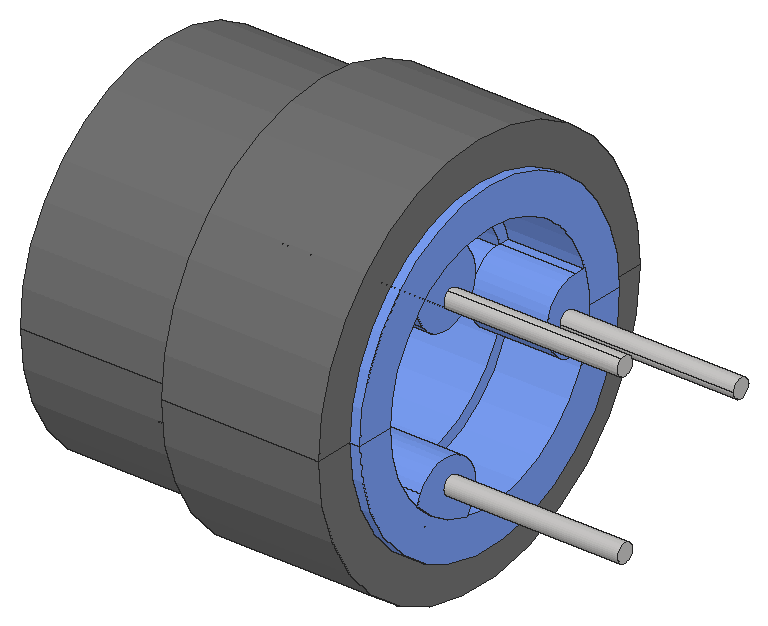
Revit family "Plumbing_Other-Plumbing_Menzies-Metal_Blue-Drain-Seal (7)", category Pipe Fittings, Revit 2018
Family settings
  Round Connector Dimension = Use Diameter
  Part Type = Transition
  OmniClass Number = 23.60.30.11.14
  OmniClass Title = Pipework Fittings
  Work Plane-Based = No
  Always vertical = No
  Cut with Voids When Loaded = No
  Shared = No
Parameters (values of type "3"")
  Weight = 0.56 lbf
  URL = "https://www.menzies-metal.com/tpo-products/menzies-blue-drain-seal/"
  Seal Material = Rubber - Menzies Metal Products - EPDM
  SCH80 Pipe ID Range = "2.82 - 3.40 in"
  SCH40 Pipe ID Range = "2.87 - 3.40 in"
  Required Tools = "Screwdriver for Blue Drain seal is required to install product; https://www.menzies-metal.com/flat-roofing/screwdriver-for-blue-drain-seal/"  # constant formula
  Product data url = "https://www.bimobject.com/menzies-metal/product/blue-drain-seal"
  Product Material = Plastic - Menzies Metal Products - Nylon
  Product Guid = "f62e8464-96eb-4267-9b67-e3f2fa2fb2a5"
  Nominal Diameter 2 = 3.000"
  Nominal Diameter 1 = 2.750"
  Model = "300-3130"
  Manufacturer = "Menzies Metal Products"  # constant formula
  built-in parameter 1114238 [instance] = (empty or 0)
  F [instance] = 3.520"
  Edition number = 1
  E [instance] = 3.170"
  Description = "Menzies Blue Drain Seal™"  # constant formula
  D [instance] = 2.850"
  C [instance] = 2.190"
  B [instance] = 2.010"
  Assembly Code = "D2040200"
  A [instance] = 2.620"
Types (4): name | Weight | SCH80 Pipe ID Range | SCH40 Pipe ID Range | Nominal Diameter 2 | Nominal Diameter 1 | Model | F | E | D | C | B | A
  3" | 0.56 lbf | "2.82 - 3.40 in" | "2.87 - 3.40 in" | 3.000" | 2.750" | "300-3130" | 3.520" | 3.170" | 2.850" | 2.190" | 2.010" | 2.620"
  4" | 0.98 lbf | "3.75 - 4.40 in" | "3.85 - 4.40 in" | 4.000" | 3.750" | "300-3135" | 4.550" | 4.570" | 3.740" | 2.800" | 2.620" | 3.530"
  5" | 1.05 lbf | "4.73 - 5.40 in" | "4.84 - 5.40 in" | 5.000" | 4.750" | "300-3140" | 5.650" | 5.650" | 4.730" | 4.080" | 3.930" | 4.600"
  6" | 1.20 lbf | "5.76 - 6.40 in" | "5.82 - 6.40 in" | 6.000" | 5.750" | "300-3145" | 6.830" | 6.590" | 5.760" | 5.040" | 4.860" | 5.390"
Reference planes (in)
  plane 1 "Center (Front/Back)": y = 0
  plane 2: z = 0
  plane 3 "Center (Left/Right)": x = 0
  plane 4: y = 1.005
  plane 5: y = -1.005
  plane 6: y = 1.31
  plane 7: y = -1.31
  plane 8: x = -1.38
  plane 9: x = 1.38
  plane 10: x = -1.47
  plane 11: x = 1.47
  plane 12: y = -1.095
  plane 13: y = 1.095
  plane 14: y = 1.425
  plane 15: y = -1.425
  plane 16: y = 1.585
  plane 17: y = -1.585
  plane 18: y = 1.76
  plane 19: y = -1.76
Forms (in)
  Revolve 1, solid, material "Plastic - Menzies Metal Products - Nylon" <- "Product Material"
    sketch origin (0, 0, 0) x (1, 0, 0) y (0, 1, 0)
      loop
        line (-1.47, 1.31) -> (-1.47, 1.005) -> (0.8, 1.005) -> (0.8, 1.095) -> (-1.38, 1.095) -> (-1.38, 1.31) -> (-1.47, 1.31)
      axis (-1.47, 0) -> (0.8, 0)
    angle from 0 to 360
  Revolve 2, solid, material "Plastic - Menzies Metal Products - Nylon"
    sketch origin (0, 0, 0) x (1, 0, 0) y (0, 1, 0)
      loop
        line (1.47, -1.425) -> (1.47, -1.095) -> (-0.8, -1.095) -> (-0.8, -1.185) -> (1.38, -1.185) -> (1.38, -1.425) -> (1.47, -1.425)
      axis (-0.8, 0) -> (1.47, 0)
    angle from 0 to 360
  Revolve 3, solid, material "Rubber - Menzies Metal Products - EPDM" <- "Seal Material"
    sketch origin (0, 0, 0) x (1, 0, 0) y (0, 1, 0)
      loop
        line (-1.38, 1.585) -> (-1.38, 1.095) -> (-0.8, 1.095) -> (-0.8, 1.185) -> (0, 1.185) -> (0, 1.585) -> (-1.38, 1.585)
      axis (-1.38, 0) -> (0, 0)
    angle from 0 to 360
  Revolve 4, solid, material "Rubber - Menzies Metal Products - EPDM" <- "Seal Material"
    sketch origin (0, 0, 0) x (1, 0, 0) y (0, 1, 0)
      loop
        line (0, 1.185) -> (1.38, 1.185) -> (1.38, 1.76) -> (0, 1.76) -> (0, 1.185)
      axis (0, 0) -> (1.38, 0)
    angle from 0 to 360
Dimensions and locks (in)
  equal spacing: plane 5, plane 1 "Center (Front/Back)", plane 4
  "B": plane 4 to plane 5
  equal spacing: plane 6, plane 1 "Center (Front/Back)", plane 7
  "A": plane 6 to plane 7
  equal spacing: plane 8, plane 3 "Center (Left/Right)", plane 9
  locked: plane 8 to plane 9 at 2.76
  locked: plane 10 to plane 8 at 0.09
  locked: plane 9 to plane 11 at 0.09
  locked: plane 3 "Center (Left/Right)" to Revolve 1 sketch curve at 0.8
  equal spacing: plane 13, plane 1 "Center (Front/Back)", plane 12
  "C": plane 13 to plane 12
  equal spacing: plane 14, plane 1 "Center (Front/Back)", plane 15
  "D": plane 14 to plane 15
  plane 12 to Revolve 2 sketch curve = 0.090"
  locked: Revolve 2 sketch curve to plane 3 "Center (Left/Right)" at 0.8
  locked: Revolve 3 sketch curve to plane 13 at 0.09
  equal spacing: plane 16, plane 1 "Center (Front/Back)", plane 17
  "E": plane 16 to plane 17
  locked: Revolve 4 sketch curve to plane 13 at 0.09
  equal spacing: plane 19, plane 1 "Center (Front/Back)", plane 18
  "F": plane 18 to plane 19
  aligned and locked: plane 2 to level
  aligned and locked: Revolve 1 sketch curve to plane 10
  aligned and locked: plane 8 to Revolve 1 sketch curve
  aligned and locked: Revolve 1 sketch curve to plane 4
  aligned and locked: plane 6 to Revolve 1 sketch curve
  aligned and locked: plane 1 "Center (Front/Back)" to Revolve 1 sketch curve
  aligned and locked: plane 13 to Revolve 1 sketch curve
  aligned and locked: plane 12 to Revolve 2 sketch curve
  aligned and locked: plane 11 to Revolve 2 sketch curve
  aligned and locked: Revolve 2 sketch curve to plane 9
  aligned and locked: Revolve 2 sketch curve to plane 15
  aligned and locked: plane 1 "Center (Front/Back)" to Revolve 2 sketch curve
  aligned and locked: Revolve 3 sketch curve to Revolve 2
  aligned and locked: Revolve 3 sketch curve to Revolve 1
  aligned and locked: Revolve 3 sketch curve to plane 13
  aligned and locked: Revolve 2 to Revolve 3 sketch curve
  aligned and locked: Revolve 3 sketch curve to plane 3 "Center (Left/Right)"
  aligned and locked: plane 16 to Revolve 3 sketch curve
  aligned and locked: Revolve 4 sketch curve to plane 3 "Center (Left/Right)"
  aligned and locked: plane 9 to Revolve 4 sketch curve
  aligned and locked: plane 18 to Revolve 4 sketch curve
  aligned and locked: plane 1 "Center (Front/Back)" to Revolve 4 sketch curve
Automatic sketch dimensions
  Revolve 1 sketch curve to plane 10 = 0.750"
  plane 11 to Revolve 1 sketch curve = 1.880"
  plane 8 to Revolve 2 sketch curve = 0.47725"
  Revolve 2 sketch curve to plane 9 = 0.1265"
  plane 1 "Center (Front/Back)" to Revolve 3 sketch curve = 0.000"
  plane 8 to Revolve 3 sketch curve = 0.250"
  Revolve 4 sketch curve to plane 3 "Center (Left/Right)" = 0.35579"
  plane 11 to Revolve 4 sketch curve = 0.68896"
Nested families (in)
  nested 1: "Mount" at (0, 0, 0), type "Mount", detail levels medium+fine
    with d 0.850", C1 2.240", C 2.190", B1 2.060", B 2.010"
Connectors (in)
  piping at (0, 0, 0), diameter 2.75, driven by "Nominal Diameter 1"
    settings: on Revolve 4, index 1, connector inside diameter 24.000", connector length 0.000", flow factor 0, pipe flow 0 GPM, pressure drop 0.00 psi, fitting loss kfactor 0, connector angle 0.00°, fixture units 0, engagement length 0.000", angle of deflection 0.00°, flow configuration 0, flow direction 0, fitting loss method 0, system type 28, joint type 0, gender type 0, connector reference index 2, connector utility 0, adjustable connector no, is connector primary no, connector description ""
  piping at (-1.38, 0, 0), diameter 3, driven by "Nominal Diameter 2"
    settings: on Revolve 3, index 2, connector inside diameter 24.000", connector length 0.000", flow factor 0, pipe flow 0 GPM, pressure drop 0.00 psi, fitting loss kfactor 0, connector angle 0.00°, fixture units 0, engagement length 0.000", angle of deflection 0.00°, flow configuration 0, flow direction 0, fitting loss method 0, system type 28, joint type 0, gender type 0, connector reference index 1, connector utility 0, adjustable connector no, is connector primary yes, connector description ""
Definition of nested family "Mount"
  Parameters (values of type "Mount")
    d = (B - 0.310") / 2  # 1.810"
    Screw Material = none
    Material = none
    C1 = C + 0.050"  # 4.130"
    C = 4.080"
    B1 = B + 0.050"  # 3.980"
    B = 3.930"
  Reference planes (in)
    plane 1 "Center (Front/Back)": y = 0
    plane 2: z = 0
    plane 3 "Center (Left/Right)": x = 0
    plane 4: x = -1.47
    plane 5: x = 1.47
    plane 6: x = 0.8
    plane 7: y = 1.99
    plane 8: y = -1.99
  Forms (in)
    Extrusion 1, solid, material <- "Material"
      sketch origin (0, 0, 0) x (0, 1, 0) y (0, 0, 1)
        loop
          arc (1.91645, 0.32) -> (1.59702, 0.0192) -> (1.87811, -0.3177) r 0.32
          line (1.87811, -0.3177) -> (2.01511, -0.3177)
          arc (2.01511, -0.3177) -> (2.04, 0.00117) -> (2.01475, 0.32) r 2.04
          line (2.01475, 0.32) -> (1.91645, 0.32)
      from 0.8 to 1.47
    Extrusion 2, solid, material <- "Material"
      sketch origin (0, 0, 0) x (0, 1, 0) y (0, 0, 1)
        loop
          arc (1.96726, -0.3) -> (1.99, 0) -> (1.96726, 0.3) r 1.99
          arc (1.96726, 0.3) -> (1.66726, 0) -> (1.96726, -0.3) r 0.3
      from -1.47 to 0.8
    Extrusion 3, solid, material <- "Material"
      sketch origin (0, 0, 0) x (0, -0.5, 0.866025) y (0, -0.866025, -0.5)
        loop
          line (1.91611, -0.32) -> (2.01475, -0.32)
          arc (2.01475, -0.32) -> (2.04, -0.00117) -> (2.01511, 0.3177) r 2.04
          line (2.01511, 0.3177) -> (1.87777, 0.3177)
          arc (1.87777, 0.3177) -> (1.59669, -0.0192) -> (1.91611, -0.32) r 0.32
      from 0.8 to 1.47
    Extrusion 4, solid, material <- "Material"
      sketch origin (0, 0, 0) x (0, -0.5, 0.866025) y (0, -0.866025, -0.5)
        loop
          arc (1.96726, 0.3) -> (1.66726, 0) -> (1.96726, -0.3) r 0.3
          arc (1.96726, -0.3) -> (1.99, 0) -> (1.96726, 0.3) r 1.99
      from -1.47 to 0.8
    Extrusion 5, solid, material <- "Material"
      sketch origin (0, 0, 0) x (0, -0.5, -0.866025) y (0, 0.866025, -0.5)
        loop
          line (1.91611, -0.32) -> (2.01475, -0.32)
          arc (2.01475, -0.32) -> (2.04, -0.00117) -> (2.01511, 0.3177) r 2.04
          line (2.01511, 0.3177) -> (1.87777, 0.3177)
          arc (1.87777, 0.3177) -> (1.59669, -0.0192) -> (1.91611, -0.32) r 0.32
      from 0.8 to 1.47
    Extrusion 6, solid, material <- "Material"
      sketch origin (0, 0, 0) x (0, -0.5, -0.866025) y (0, 0.866025, -0.5)
        loop
          arc (1.96726, 0.3) -> (1.66726, 0) -> (1.96726, -0.3) r 0.3
          arc (1.96726, -0.3) -> (1.99, 0) -> (1.96726, 0.3) r 1.99
      from -1.47 to 0.8
    Revolve 7, void
      sketch origin (0, 0, 0) x (1, 0, 0) y (0, 1, 0)
        loop
          line (-1.48765, 1.63544) -> (-1.31955, 1.63544) -> (-1.48765, 2.06156) -> (-1.48765, 1.63544)
        axis (-1.48765, 0) -> (-1.31955, 0)
      angle from 0 to 360
    Extrusion 8, solid, material <- "Screw Material"
      sketch origin (0, 0.96, 0) x (0, 1, 0) y (0, 0, 1)
        loop
          circle (0.85, 0) r 0.08
      from 0 to 3
    Extrusion 9, solid, material <- "Screw Material"
      sketch origin (0, -0.48, 0.83138) x (0, -0.5, 0.866025) y (0, -0.866025, -0.5)
        loop
          circle (0.85, 0) r 0.08
      from 0 to 3
    Extrusion 10, solid, material <- "Screw Material"
      sketch origin (0, -0.48, -0.83138) x (0, -0.5, -0.866025) y (0, 0.866025, -0.5)
        loop
          circle (0.85, 0) r 0.08
      from 0 to 3
  Cuts and joins
    Revolve 7 cuts Extrusion 2
    Revolve 7 cuts Extrusion 4
    Revolve 7 cuts Extrusion 6
  Lines and regions (in)
    reference lines
      curve 1: circle (0, 0, 0) r 2.04 normal (1, 0, 0)
      curve 2: circle (0, 0, 0) r 1.965 normal (1, 0, 0)
      curve 3: circle (0, 0, 0) r 1.99 normal (1, 0, 0)
      curve 4: circle (0, 0, 0) r 2.065 normal (1, 0, 0)
  Dimensions and locks (in)
    plane 4 to plane 3 "Center (Left/Right)" to plane 5 = 1.470", 1.470"
    locked: plane 6 to plane 5 at 0.67
    locked: plane 4 to plane 5 at 2.94
    equal spacing: plane 8, plane 1 "Center (Front/Back)", plane 7
    locked: Revolve 7 sketch curve to plane 7 at 0.07156
    locked: Revolve 7 sketch curve to plane 4 at 0.01765
    "B1": plane 7 to plane 8
    "B": diameter of curve 2
    "C": diameter of curve 1
    "B1": diameter of curve 3
    "C1": diameter of curve 4
    radius of Extrusion 1 sketch curve = 0.320"
    radius of Extrusion 2 sketch curve = 0.300"
    radius of Extrusion 3 sketch curve = 0.320"
    radius of Extrusion 4 sketch curve = 0.300"
    radius of Extrusion 5 sketch curve = 0.320"
    radius of Extrusion 6 sketch curve = 0.300"
    "d": radius of radial array
    aligned and locked: plane 2 to level
    aligned and locked: plane 5 to Extrusion 1
    aligned and locked: Extrusion 1 to plane 6
    aligned and locked: Extrusion 2 sketch curve to curve 3
    aligned and locked: Extrusion 2 to plane 4
    aligned and locked: Extrusion 2 to Extrusion 1
    aligned and locked: Extrusion 1 sketch curve to curve 1
    aligned and locked: Extrusion 3 to Extrusion 4
    aligned and locked: Extrusion 5 to Extrusion 6
    aligned and locked: Extrusion 6 sketch curve to curve 3
    aligned and locked: Extrusion 5 sketch curve to curve 1
    aligned and locked: Extrusion 4 sketch curve to curve 3
    aligned and locked: Extrusion 3 sketch curve to curve 1
    aligned and locked: plane 1 "Center (Front/Back)" to Revolve 7 sketch curve
  Automatic sketch dimensions
    Extrusion 1 sketch curve to level = 0.000"
    Extrusion 1 sketch curve to Extrusion 1 sketch curve = 0.13664"
    Extrusion 1 sketch curve to Extrusion 1 sketch curve = 0.0983"
    Extrusion 1 sketch curve to Extrusion 1 sketch curve = 0.000"
    Extrusion 3 sketch curve to Extrusion 3 sketch curve = 0.03834"
    Extrusion 3 sketch curve to Extrusion 3 sketch curve = 0.13734"
    Extrusion 3 sketch curve to Extrusion 3 sketch curve = 0.3177"
    Extrusion 3 sketch curve to Extrusion 3 sketch curve = 0.000"
    Extrusion 5 sketch curve to Extrusion 5 sketch curve = 0.03834"
    Extrusion 5 sketch curve to Extrusion 5 sketch curve = 0.13734"
    Extrusion 5 sketch curve to Extrusion 5 sketch curve = 0.3177"
    Extrusion 5 sketch curve to Extrusion 5 sketch curve = 0.000"
    curve 1 to curve 2 = 0.000"  (x2)
    curve 1 to curve 3 = 0.000"  (x2)
    curve 1 to curve 4 = 0.000"  (x2)
    curve 2 to curve 3 = 0.000"  (x2)
    curve 2 to curve 4 = 0.000"  (x2)
    curve 3 to curve 4 = 0.000"  (x2)
    curve 2 to level = 0.000"
    curve 2 to plane 1 "Center (Front/Back)" = 0.000"
    plane 4 to Revolve 7 sketch curve = 0.15045"
    Revolve 7 sketch curve to plane 7 = 0.35456"
    plane 4 to Revolve 7 sketch curve = 0.15372"
    plane 3 "Center (Left/Right)" to Revolve 7 sketch curve = 0.35227"
    radius of Extrusion 8 sketch curve = 0.080"
    radius of Extrusion 9 sketch curve = 0.080"
    radius of Extrusion 10 sketch curve = 0.080"
